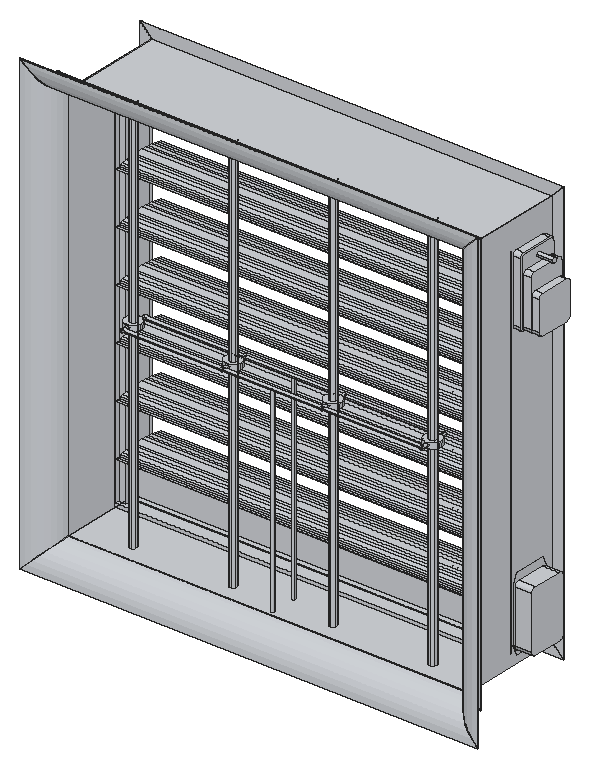
Revit family "X-12", category Mechanical Equipment, Revit 2015 (continued)
Definition of nested family "2 Tubes"
  Definition of nested family "Vertical Tubes"
    Automatic sketch dimensions
      Extrusion 1 sketch curve to Extrusion 1 sketch curve = 0' - 0.29515"  (x2)
      plane 3 "Center (Left/Right)" to Extrusion 1 sketch curve = 0' - 0.10992"  (x2)
      Extrusion 1 sketch curve to plane 1 "Center (Front/Back)" = 0' - 0.1653"
      Extrusion 2 sketch curve to Extrusion 2 sketch curve = 0' - 0"  (x56)
      plane 1 "Center (Front/Back)" to Extrusion 2 sketch curve = 0' - 0"
      Extrusion 2 sketch curve to plane 3 "Center (Left/Right)" = 0' - 0"
      Extrusion 2 sketch curve to plane 3 "Center (Left/Right)" = 0' - 0.10992"  (x2)
      Extrusion 2 sketch curve to plane 3 "Center (Left/Right)" = 0' - 0.14833"  (x2)
      Extrusion 2 sketch curve to plane 1 "Center (Front/Back)" = 0' - 0.1653"  (x2)
      Extrusion 2 sketch curve to Extrusion 2 sketch curve = 0' - 0.29515"
      Extrusion 2 sketch curve to plane 1 "Center (Front/Back)" = 0' - 0.16268"
      Extrusion 2 sketch curve to Extrusion 2 sketch curve = 0' - 0.58161"  (x2)
      plane 3 "Center (Left/Right)" to Extrusion 2 sketch curve = 0' - 0.10992"  (x2)
      plane 3 "Center (Left/Right)" to Extrusion 2 sketch curve = 0' - 0.14833"  (x2)
      plane 1 "Center (Front/Back)" to Extrusion 2 sketch curve = 0' - 0.16268"
      plane 1 "Center (Front/Back)" to Extrusion 2 sketch curve = 0' - 0.42347"
      Extrusion 3 sketch curve to plane 3 "Center (Left/Right)" = 0' - 0"
      Extrusion 3 sketch curve to plane 4 = 0' - 0"
      Extrusion 4 sketch curve to plane 3 "Center (Left/Right)" = 0' - 0"
      Extrusion 4 sketch curve to plane 4 = 0' - 0"
      radius of Extrusion 3 sketch curve = 0' - 0 3/16"
      radius of Extrusion 4 sketch curve = 0' - 0 3/16"
Definition of nested family "3 Tubes"
  Parameters (values of type "3 Tubes")
    Tube Width = 2' - 6"
    Tube Height = 2' - 0"
    Tube End [instance] = Tube Width / 6  # 0' - 5"
  Reference planes (in)
    plane 1 "Center (Front/Back)": y = 0
    plane 2: z = 0
    plane 3 "Center (Left/Right)": x = 0
    plane 4: x = -15
    plane 5: x = 15
    plane 6: z = 24
    plane 7: x = -10
    plane 8: x = 10
    plane 9: z = 12
  Forms (in)
    Extrusion 1, solid
      sketch origin (0, 0.1875, 0) x (0, 1, 0) y (0, 0, 1)
        loop
          circle (-1.73894, 12) r 0.1875
      from -10 to 10
    Extrusion 2, solid
      sketch origin (0, -0.1875, 0) x (0, -1, 0) y (0, 0, -1)
        loop
          circle (-1.73894, -12) r 0.1875
      from -10 to 10
  Dimensions and locks (in)
    equal spacing: plane 4, plane 3 "Center (Left/Right)", plane 5
    "Tube Width": plane 4 to plane 5
    "Tube Height": plane 6 to level
    "Tube End": plane 4 to plane 7
    "Tube End": plane 8 to plane 5
    equal spacing: plane 6, plane 9, level
    aligned and locked: level to plane 2
    aligned and locked: plane 1 "Center (Front/Back)" to nested 1
    aligned and locked: nested 1 to plane 8
    aligned and locked: nested 3 to plane 7
    aligned and locked: plane 3 "Center (Left/Right)" to nested 2
    aligned and locked: Extrusion 1 to plane 8
    aligned and locked: plane 7 to Extrusion 1
    aligned and locked: Extrusion 2 to plane 8
    aligned and locked: plane 7 to Extrusion 2
  Automatic sketch dimensions
    Extrusion 1 sketch curve to plane 9 = 0' - 0"
    plane 1 "Center (Front/Back)" to Extrusion 1 sketch curve = 0' - 1.55144"
    Extrusion 2 sketch curve to plane 9 = 0' - 0"
    plane 1 "Center (Front/Back)" to Extrusion 2 sketch curve = 0' - 1.55144"
    radius of Extrusion 1 sketch curve = 0' - 0 3/16"
    radius of Extrusion 2 sketch curve = 0' - 0 3/16"
  Nested families (in)
    nested 1: "Vertical Tubes" at (10, 0, 0), type "Vertical Tubes"
      with Tube Height 2' - 0"
    nested 2: "Vertical Tubes" at (0, 0, 0), type "Vertical Tubes"
      with Tube Height 2' - 0"
    nested 3: "Vertical Tubes" at (-10, 0, 0), type "Vertical Tubes"
      with Tube Height 2' - 0"
  Definition of nested family "Vertical Tubes"
    Parameters (values of type "Vertical Tubes")
      Tube Height = 3' - 0"
    Reference planes (in)
      plane 1 "Center (Front/Back)": y = 0
      plane 2: z = 0
      plane 3 "Center (Left/Right)": x = 0
      plane 4: z = 18
      plane 5: z = 36
      plane 6: z = 17.6875
      plane 7: z = 18.3125
      plane 8: y = -1.73894
      plane 9: y = -0.74581
    Forms (in)
      Extrusion 1, solid
        sketch origin (0, 0, 0) x (1, 0, 0) y (0, 1, 0)
          loop
            arc (-0.40507, -0.1653) -> (-0.28804, -0.3293) -> (-0.10992, -0.42347) r 0.4375
            line (-0.10992, -0.42347) -> (0.10992, -0.42347)
            arc (0.10992, -0.42347) -> (0.28804, -0.3293) -> (0.40507, -0.1653) r 0.4375
            line (0.40507, -0.1653) -> (0.40507, 0.1653)
            arc (0.40507, 0.1653) -> (0.28804, 0.3293) -> (0.10992, 0.42347) r 0.4375
            line (0.10992, 0.42347) -> (-0.10992, 0.42347)
            arc (-0.10992, 0.42347) -> (-0.28804, 0.3293) -> (-0.40507, 0.1653) r 0.4375
            line (-0.40507, 0.1653) -> (-0.40507, -0.1653)
        from 0 to 36
      Extrusion 2, solid
        sketch origin (-4.5, 0, 0) x (1, 0, 0) y (0, 1, 0)
          loop
            arc (4.64833, -0.98894) -> (5.20195, -0.71223) -> (5.48668, -0.16268) r 1
            line (5.48668, -0.16268) -> (5.48668, 0.16268)
            arc (5.48668, 0.16268) -> (5.20195, 0.71223) -> (4.64833, 0.98894) r 1
            line (4.64833, 0.98894) -> (4.35167, 0.98894)
            arc (4.35167, 0.98894) -> (3.79805, 0.71223) -> (3.51332, 0.16268) r 1
            line (3.51332, 0.16268) -> (3.51332, -0.16268)
            arc (3.51332, -0.16268) -> (3.79805, -0.71223) -> (4.35167, -0.98894) r 1
            line (4.35167, -0.98894) -> (4.64833, -0.98894)
          loop
            arc (4.39008, 0.42347) -> (4.21196, 0.3293) -> (4.09493, 0.1653) r 0.4375
            line (4.09493, 0.1653) -> (4.09493, -0.1653)
            arc (4.09493, -0.1653) -> (4.21196, -0.3293) -> (4.39008, -0.42347) r 0.4375
            line (4.39008, -0.42347) -> (4.60992, -0.42347)
            arc (4.60992, -0.42347) -> (4.78804, -0.3293) -> (4.90507, -0.1653) r 0.4375
            line (4.90507, -0.1653) -> (4.90507, 0.1653)
            arc (4.90507, 0.1653) -> (4.78804, 0.3293) -> (4.60992, 0.42347) r 0.4375
            line (4.60992, 0.42347) -> (4.39008, 0.42347)
        from 17.6875 to 18.3125
      Extrusion 3, solid
        sketch origin (0, 0, 0) x (1, 0, 0) y (0, 0, 1)
          loop
            circle (0, 18) r 0.1875
        from 0.74581 to 1.73894
      Extrusion 4, solid
        sketch origin (0, 0, 0) x (1, 0, 0) y (0, 0, -1)
          loop
            circle (0, -18) r 0.1875
        from 0.74581 to 1.73894
    Lines and regions (in)
      model lines
        curve 1: line (-0.40507, -0.1653, 0) -> (-0.40507, 0.1653, 0)
        curve 2: line (-0.10992, 0.42347, 0) -> (0.10992, 0.42347, 0)
        curve 3: line (0.40507, -0.1653, 0) -> (0.40507, 0.1653, 0)
        curve 4: line (-0.10992, -0.42347, 0) -> (0.10992, -0.42347, 0)
        curve 5: arc (-0.40507, -0.1653, 0) -> (-0.28804, -0.3293, 0) -> (-0.10992, -0.42347, 0) r 0.4375
        curve 6: arc (0.10992, -0.42347, 0) -> (0.28804, -0.3293, 0) -> (0.40507, -0.1653, 0) r 0.4375
        curve 7: arc (-0.40507, 0.1653, 0) -> (-0.28804, 0.3293, 0) -> (-0.10992, 0.42347, 0) r 0.4375
        curve 8: arc (0.10992, 0.42347, 0) -> (0.28804, 0.3293, 0) -> (0.40507, 0.1653, 0) r 0.4375
    Dimensions and locks (in)
      equal spacing: plane 5, plane 4, level
      "Tube Height": plane 5 to level
      locked: plane 4 to plane 6 at 0.3125
      locked: plane 7 to plane 4 at 0.3125
      locked: plane 1 "Center (Front/Back)" to plane 9 at 0.74581
      locked: plane 9 to plane 8 at 0.99313
      aligned and locked: level to plane 2
      aligned and locked: plane 5 to Extrusion 1
      aligned and locked: plane 7 to Extrusion 2
      aligned and locked: plane 6 to Extrusion 2
      aligned and locked: Extrusion 3 to plane 8
      aligned and locked: plane 9 to Extrusion 3
    Automatic sketch dimensions
      curve 5 to curve 6 = 0' - 0"  (x2)
      curve 5 to curve 7 = 0' - 0"  (x2)
      curve 5 to curve 8 = 0' - 0"  (x2)
      curve 6 to curve 7 = 0' - 0"  (x2)
      curve 6 to curve 8 = 0' - 0"  (x2)
      curve 7 to curve 8 = 0' - 0"  (x2)
      plane 1 "Center (Front/Back)" to curve 5 = 0' - 0"
      curve 5 to plane 3 "Center (Left/Right)" = 0' - 0"
      curve 2 to plane 3 "Center (Left/Right)" = 0' - 0.10992"
      curve 4 to plane 3 "Center (Left/Right)" = 0' - 0.10992"
      plane 1 "Center (Front/Back)" to curve 1 = 0' - 0.1653"
      curve 1 to curve 5 = 0' - 0.29515"
      plane 3 "Center (Left/Right)" to curve 4 = 0' - 0.10992"
      plane 3 "Center (Left/Right)" to curve 2 = 0' - 0.10992"
      plane 1 "Center (Front/Back)" to curve 3 = 0' - 0.1653"
      curve 1 to plane 1 "Center (Front/Back)" = 0' - 0.1653"
      Extrusion 1 sketch curve to Extrusion 1 sketch curve = 0' - 0"  (x12)
      plane 1 "Center (Front/Back)" to Extrusion 1 sketch curve = 0' - 0"
      Extrusion 1 sketch curve to plane 3 "Center (Left/Right)" = 0' - 0"
      Extrusion 1 sketch curve to plane 3 "Center (Left/Right)" = 0' - 0.10992"  (x2)
      plane 1 "Center (Front/Back)" to Extrusion 1 sketch curve = 0' - 0.1653"
      Extrusion 1 sketch curve to Extrusion 1 sketch curve = 0' - 0.29515"  (x2)
      plane 3 "Center (Left/Right)" to Extrusion 1 sketch curve = 0' - 0.10992"  (x2)
      Extrusion 1 sketch curve to plane 1 "Center (Front/Back)" = 0' - 0.1653"
      Extrusion 2 sketch curve to Extrusion 2 sketch curve = 0' - 0"  (x56)
      plane 1 "Center (Front/Back)" to Extrusion 2 sketch curve = 0' - 0"
      Extrusion 2 sketch curve to plane 3 "Center (Left/Right)" = 0' - 0"
      Extrusion 2 sketch curve to plane 3 "Center (Left/Right)" = 0' - 0.10992"  (x2)
      Extrusion 2 sketch curve to plane 3 "Center (Left/Right)" = 0' - 0.14833"  (x2)
      Extrusion 2 sketch curve to plane 1 "Center (Front/Back)" = 0' - 0.1653"  (x2)
      Extrusion 2 sketch curve to Extrusion 2 sketch curve = 0' - 0.29515"
      Extrusion 2 sketch curve to plane 1 "Center (Front/Back)" = 0' - 0.16268"
      Extrusion 2 sketch curve to Extrusion 2 sketch curve = 0' - 0.58161"  (x2)
      plane 3 "Center (Left/Right)" to Extrusion 2 sketch curve = 0' - 0.10992"  (x2)
      plane 3 "Center (Left/Right)" to Extrusion 2 sketch curve = 0' - 0.14833"  (x2)
      plane 1 "Center (Front/Back)" to Extrusion 2 sketch curve = 0' - 0.16268"
      plane 1 "Center (Front/Back)" to Extrusion 2 sketch curve = 0' - 0.42347"
      Extrusion 3 sketch curve to plane 3 "Center (Left/Right)" = 0' - 0"
      Extrusion 3 sketch curve to plane 4 = 0' - 0"
      Extrusion 4 sketch curve to plane 3 "Center (Left/Right)" = 0' - 0"
      Extrusion 4 sketch curve to plane 4 = 0' - 0"
      radius of Extrusion 3 sketch curve = 0' - 0 3/16"
      radius of Extrusion 4 sketch curve = 0' - 0 3/16"
Definition of nested family "4 Tubes"
  Parameters (values of type "4 Tubes")
    Tube Width = 4' - 6"
    Tube Middle [instance] = Tube Width / 4  # 1' - 1 1/2"
    Tube Height = 3' - 0"
    Tube End [instance] = Tube Width / 8  # 0' - 6 3/4"
  Reference planes (in)
    plane 1 "Center (Front/Back)": y = 0
    plane 2: z = 0
    plane 3 "Center (Left/Right)": x = 0
    plane 4: x = -27
    plane 5: x = 27
    plane 6: z = 36
    plane 7: x = -20.25
    plane 8: x = 20.25
    plane 9: x = -6.75
    plane 10: x = 6.75
    plane 11: z = 18
  Forms (in)
    Extrusion 1, solid
      sketch origin (0, 0.1875, 0) x (0, 1, 0) y (0, 0, 1)
        loop
          circle (-1.73894, 18) r 0.1875
      from -20.25 to 20.25
    Extrusion 2, solid
      sketch origin (0, -0.1875, 0) x (0, -1, 0) y (0, 0, -1)
        loop
          circle (-1.73894, -18) r 0.1875
      from -20.25 to 20.25
  Dimensions and locks (in)
    equal spacing: plane 4, plane 3 "Center (Left/Right)", plane 5
    "Tube Width": plane 4 to plane 5
    "Tube Height": plane 6 to level
    "Tube End": plane 4 to plane 7
    "Tube End": plane 8 to plane 5
    "Tube Middle": plane 7 to plane 9
    "Tube Middle": plane 10 to plane 8
    equal spacing: plane 6, plane 11, level
    aligned and locked: level to plane 2
    aligned and locked: plane 1 "Center (Front/Back)" to nested 1
    aligned and locked: plane 8 to nested 1
    aligned and locked: nested 4 to plane 7
    aligned and locked: nested 3 to plane 9
    aligned and locked: plane 10 to nested 2
    aligned and locked: plane 8 to Extrusion 1
    aligned and locked: plane 7 to Extrusion 1
    aligned and locked: plane 7 to Extrusion 2
    aligned and locked: plane 8 to Extrusion 2
  Automatic sketch dimensions
    Extrusion 1 sketch curve to plane 11 = 0' - 0"
    plane 1 "Center (Front/Back)" to Extrusion 1 sketch curve = 0' - 1.55144"
    Extrusion 2 sketch curve to plane 11 = 0' - 0"
    plane 1 "Center (Front/Back)" to Extrusion 2 sketch curve = 0' - 1.55144"
    radius of Extrusion 1 sketch curve = 0' - 0 3/16"
    radius of Extrusion 2 sketch curve = 0' - 0 3/16"
  Nested families (in)
    nested 1: "Vertical Tubes" at (20.25, 0, 0), type "Vertical Tubes"
    nested 2: "Vertical Tubes" at (6.75, 0, 0), type "Vertical Tubes"
    nested 3: "Vertical Tubes" at (-6.75, 0, 0), type "Vertical Tubes"
    nested 4: "Vertical Tubes" at (-20.25, 0, 0), type "Vertical Tubes"
  Definition of nested family "Vertical Tubes"
    Parameters (values of type "Vertical Tubes")
      Tube Height = 3' - 0"
    Reference planes (in)
      plane 1 "Center (Front/Back)": y = 0
      plane 2: z = 0
      plane 3 "Center (Left/Right)": x = 0
      plane 4: z = 18
      plane 5: z = 36
      plane 6: z = 17.6875
      plane 7: z = 18.3125
      plane 8: y = -1.73894
      plane 9: y = -0.74581
    Forms (in)
      Extrusion 1, solid
        sketch origin (0, 0, 0) x (1, 0, 0) y (0, 1, 0)
          loop
            arc (-0.40507, -0.1653) -> (-0.28804, -0.3293) -> (-0.10992, -0.42347) r 0.4375
            line (-0.10992, -0.42347) -> (0.10992, -0.42347)
            arc (0.10992, -0.42347) -> (0.28804, -0.3293) -> (0.40507, -0.1653) r 0.4375
            line (0.40507, -0.1653) -> (0.40507, 0.1653)
            arc (0.40507, 0.1653) -> (0.28804, 0.3293) -> (0.10992, 0.42347) r 0.4375
            line (0.10992, 0.42347) -> (-0.10992, 0.42347)
            arc (-0.10992, 0.42347) -> (-0.28804, 0.3293) -> (-0.40507, 0.1653) r 0.4375
            line (-0.40507, 0.1653) -> (-0.40507, -0.1653)
        from 0 to 36
      Extrusion 2, solid
        sketch origin (-4.5, 0, 0) x (1, 0, 0) y (0, 1, 0)
          loop
            arc (4.64833, -0.98894) -> (5.20195, -0.71223) -> (5.48668, -0.16268) r 1
            line (5.48668, -0.16268) -> (5.48668, 0.16268)
            arc (5.48668, 0.16268) -> (5.20195, 0.71223) -> (4.64833, 0.98894) r 1
            line (4.64833, 0.98894) -> (4.35167, 0.98894)
            arc (4.35167, 0.98894) -> (3.79805, 0.71223) -> (3.51332, 0.16268) r 1
            line (3.51332, 0.16268) -> (3.51332, -0.16268)
            arc (3.51332, -0.16268) -> (3.79805, -0.71223) -> (4.35167, -0.98894) r 1
            line (4.35167, -0.98894) -> (4.64833, -0.98894)
          loop
            arc (4.39008, 0.42347) -> (4.21196, 0.3293) -> (4.09493, 0.1653) r 0.4375
            line (4.09493, 0.1653) -> (4.09493, -0.1653)
            arc (4.09493, -0.1653) -> (4.21196, -0.3293) -> (4.39008, -0.42347) r 0.4375
            line (4.39008, -0.42347) -> (4.60992, -0.42347)
            arc (4.60992, -0.42347) -> (4.78804, -0.3293) -> (4.90507, -0.1653) r 0.4375
            line (4.90507, -0.1653) -> (4.90507, 0.1653)
            arc (4.90507, 0.1653) -> (4.78804, 0.3293) -> (4.60992, 0.42347) r 0.4375
            line (4.60992, 0.42347) -> (4.39008, 0.42347)
        from 17.6875 to 18.3125
      Extrusion 3, solid
        sketch origin (0, 0, 0) x (1, 0, 0) y (0, 0, 1)
          loop
            circle (0, 18) r 0.1875
        from 0.74581 to 1.73894
      Extrusion 4, solid
        sketch origin (0, 0, 0) x (1, 0, 0) y (0, 0, -1)
          loop
            circle (0, -18) r 0.1875
        from 0.74581 to 1.73894
    Lines and regions (in)
      model lines
        curve 1: line (-0.40507, -0.1653, 0) -> (-0.40507, 0.1653, 0)
        curve 2: line (-0.10992, 0.42347, 0) -> (0.10992, 0.42347, 0)
        curve 3: line (0.40507, -0.1653, 0) -> (0.40507, 0.1653, 0)
        curve 4: line (-0.10992, -0.42347, 0) -> (0.10992, -0.42347, 0)
        curve 5: arc (-0.40507, -0.1653, 0) -> (-0.28804, -0.3293, 0) -> (-0.10992, -0.42347, 0) r 0.4375
        curve 6: arc (0.10992, -0.42347, 0) -> (0.28804, -0.3293, 0) -> (0.40507, -0.1653, 0) r 0.4375
        curve 7: arc (-0.40507, 0.1653, 0) -> (-0.28804, 0.3293, 0) -> (-0.10992, 0.42347, 0) r 0.4375
        curve 8: arc (0.10992, 0.42347, 0) -> (0.28804, 0.3293, 0) -> (0.40507, 0.1653, 0) r 0.4375
    Dimensions and locks (in)
      equal spacing: plane 5, plane 4, level
      "Tube Height": plane 5 to level
      locked: plane 4 to plane 6 at 0.3125
      locked: plane 7 to plane 4 at 0.3125
      locked: plane 1 "Center (Front/Back)" to plane 9 at 0.74581
      locked: plane 9 to plane 8 at 0.99313
      aligned and locked: level to plane 2
      aligned and locked: plane 5 to Extrusion 1
      aligned and locked: plane 7 to Extrusion 2
      aligned and locked: plane 6 to Extrusion 2
      aligned and locked: Extrusion 3 to plane 8
      aligned and locked: plane 9 to Extrusion 3
    Automatic sketch dimensions
      curve 5 to curve 6 = 0' - 0"  (x2)
      curve 5 to curve 7 = 0' - 0"  (x2)
      curve 5 to curve 8 = 0' - 0"  (x2)
      curve 6 to curve 7 = 0' - 0"  (x2)
      curve 6 to curve 8 = 0' - 0"  (x2)
      curve 7 to curve 8 = 0' - 0"  (x2)
      plane 1 "Center (Front/Back)" to curve 5 = 0' - 0"
      curve 5 to plane 3 "Center (Left/Right)" = 0' - 0"
      curve 2 to plane 3 "Center (Left/Right)" = 0' - 0.10992"
      curve 4 to plane 3 "Center (Left/Right)" = 0' - 0.10992"
      plane 1 "Center (Front/Back)" to curve 1 = 0' - 0.1653"
      curve 1 to curve 5 = 0' - 0.29515"
      plane 3 "Center (Left/Right)" to curve 4 = 0' - 0.10992"
      plane 3 "Center (Left/Right)" to curve 2 = 0' - 0.10992"
      plane 1 "Center (Front/Back)" to curve 3 = 0' - 0.1653"
      curve 1 to plane 1 "Center (Front/Back)" = 0' - 0.1653"
      Extrusion 1 sketch curve to Extrusion 1 sketch curve = 0' - 0"  (x12)
      plane 1 "Center (Front/Back)" to Extrusion 1 sketch curve = 0' - 0"
      Extrusion 1 sketch curve to plane 3 "Center (Left/Right)" = 0' - 0"
      Extrusion 1 sketch curve to plane 3 "Center (Left/Right)" = 0' - 0.10992"  (x2)
      plane 1 "Center (Front/Back)" to Extrusion 1 sketch curve = 0' - 0.1653"
      Extrusion 1 sketch curve to Extrusion 1 sketch curve = 0' - 0.29515"  (x2)
      plane 3 "Center (Left/Right)" to Extrusion 1 sketch curve = 0' - 0.10992"  (x2)
      Extrusion 1 sketch curve to plane 1 "Center (Front/Back)" = 0' - 0.1653"
      Extrusion 2 sketch curve to Extrusion 2 sketch curve = 0' - 0"  (x56)
      plane 1 "Center (Front/Back)" to Extrusion 2 sketch curve = 0' - 0"
      Extrusion 2 sketch curve to plane 3 "Center (Left/Right)" = 0' - 0"
      Extrusion 2 sketch curve to plane 3 "Center (Left/Right)" = 0' - 0.10992"  (x2)
      Extrusion 2 sketch curve to plane 3 "Center (Left/Right)" = 0' - 0.14833"  (x2)
      Extrusion 2 sketch curve to plane 1 "Center (Front/Back)" = 0' - 0.1653"  (x2)
      Extrusion 2 sketch curve to Extrusion 2 sketch curve = 0' - 0.29515"
      Extrusion 2 sketch curve to plane 1 "Center (Front/Back)" = 0' - 0.16268"
      Extrusion 2 sketch curve to Extrusion 2 sketch curve = 0' - 0.58161"  (x2)
      plane 3 "Center (Left/Right)" to Extrusion 2 sketch curve = 0' - 0.10992"  (x2)
      plane 3 "Center (Left/Right)" to Extrusion 2 sketch curve = 0' - 0.14833"  (x2)
      plane 1 "Center (Front/Back)" to Extrusion 2 sketch curve = 0' - 0.16268"
      plane 1 "Center (Front/Back)" to Extrusion 2 sketch curve = 0' - 0.42347"
      Extrusion 3 sketch curve to plane 3 "Center (Left/Right)" = 0' - 0"
      Extrusion 3 sketch curve to plane 4 = 0' - 0"
      Extrusion 4 sketch curve to plane 3 "Center (Left/Right)" = 0' - 0"
      Extrusion 4 sketch curve to plane 4 = 0' - 0"
      radius of Extrusion 3 sketch curve = 0' - 0 3/16"
      radius of Extrusion 4 sketch curve = 0' - 0 3/16"
Definition of nested family "X12 BM"
  Parameters (values of type "X12 BM")
    Sleeve O.D. = 5' - 0"
  Reference planes (in)
    plane 1 "Center (Front/Back)": y = 0
    plane 2: z = 0
    plane 3 "Center (Left/Right)": x = 0
    plane 4: z = 1.5
    plane 5: x = -30
    plane 6: x = 30
    plane 7: x = -42
    plane 8: x = 42
  Forms (in)
    Extrusion 1, solid
      sketch origin (0, 0.82562, -0.52472) x (0, -1, 0) y (0, 0, -1)
        loop
          line (0.82562, -2.02472) -> (0.87342, -2.02472) -> (0.87342, -0.57814)
          arc (0.87342, -0.57814) -> (2.9889, -1.74269) -> (3.77871, -4.02472) r 3.36334
          line (3.77871, -4.02472) -> (3.82562, -4.02472)
          arc (3.82562, -4.02472) -> (3.00655, -1.69107) -> (0.82562, -0.52472) r 3.41021
          line (0.82562, -0.52472) -> (0.82562, -2.02472)
      from -42 to 42
    Extrusion 2, void
      sketch origin (0, 0, 0) x (1, 0, 0) y (0, 0, 1)
        loop
          line (-42, 0) -> (-28.5, 0) -> (-42, 13.5) -> (-42, 0)
      from 0 to 12
    Extrusion 3, void
      sketch origin (0, 0, 0) x (-1, 0, 0) y (0, 0, -1)
        loop
          line (-42, 0) -> (-42, -13.5) -> (-28.5, 0) -> (-42, 0)
      from 0 to 12
  Cuts and joins
    Extrusion 2, Extrusion 3 cuts Extrusion 1
  Dimensions and locks (in)
    equal spacing: plane 6, plane 3 "Center (Left/Right)", plane 5
    "Sleeve O.D.": plane 6 to plane 5
    locked: plane 7 to plane 5 at 12
    locked: plane 6 to plane 8 at 12
    Extrusion 2 sketch curve to Extrusion 2 sketch curve = 1' - 1 1/2"
    Extrusion 3 sketch curve to Extrusion 3 sketch curve = 1' - 1 1/2"
    aligned and locked: level to plane 2
    aligned and locked: plane 7 to Extrusion 1
    aligned and locked: plane 8 to Extrusion 1
    aligned and locked: Extrusion 2 sketch curve to level
  Automatic sketch dimensions
    Extrusion 1 sketch curve to Extrusion 1 sketch curve = 0' - 0"  (x2)
    Extrusion 1 sketch curve to level = 0' - 0"
    Extrusion 1 sketch curve to plane 1 "Center (Front/Back)" = 0' - 0"
    Extrusion 1 sketch curve to plane 4 = 0' - 0"
    plane 1 "Center (Front/Back)" to Extrusion 1 sketch curve = 0' - 0.4083"
    Extrusion 1 sketch curve to plane 1 "Center (Front/Back)" = 0' - 0.0478"
    Extrusion 1 sketch curve to plane 1 "Center (Front/Back)" = 0' - 2.9531"
    Extrusion 1 sketch curve to Extrusion 1 sketch curve = 0' - 0.0469"
    Extrusion 1 sketch curve to level = 0' - 0.05341"
    plane 7 to Extrusion 2 sketch curve = 0' - 0"
    plane 4 to Extrusion 2 sketch curve = 1' - 0"
    Extrusion 3 sketch curve to plane 8 = 0' - 0"
    Extrusion 3 sketch curve to level = 0' - 0"
    Extrusion 3 sketch curve to plane 4 = 1' - 0"
Definition of nested family "X12 BM2"
  Parameters (values of type "X12 BM2")
    Sleeve O.D. = 5' - 0"
  Reference planes (in)
    plane 1 "Center (Front/Back)": y = 0
    plane 2: z = 0
    plane 3 "Center (Left/Right)": x = 0
    plane 4: z = 1.5
    plane 5: x = -30
    plane 6: x = 30
    plane 7: x = -42
    plane 8: x = 42
  Forms (in)
    Extrusion 1, solid
      sketch origin (0, 0.82562, -0.52472) x (0, -1, 0) y (0, 0, -1)
        loop
          line (0.82562, -2.02472) -> (0.87342, -2.02472) -> (0.87342, -0.57814)
          arc (0.87342, -0.57814) -> (2.9889, -1.74269) -> (3.77871, -4.02472) r 3.36334
          line (3.77871, -4.02472) -> (3.82562, -4.02472)
          arc (3.82562, -4.02472) -> (3.00655, -1.69107) -> (0.82562, -0.52472) r 3.41021
          line (0.82562, -0.52472) -> (0.82562, -2.02472)
      from -42 to 42
    Extrusion 2, void
      sketch origin (0, 0, 0) x (1, 0, 0) y (0, 0, 1)
        loop
          line (-42, 0) -> (-28.5, 0) -> (-42, 13.5) -> (-42, 0)
      from 0 to 12
    Extrusion 3, void
      sketch origin (0, 0, 0) x (-1, 0, 0) y (0, 0, -1)
        loop
          line (-42, 0) -> (-42, -13.5) -> (-28.5, 0) -> (-42, 0)
      from 0 to 12
  Cuts and joins
    Extrusion 2, Extrusion 3 cuts Extrusion 1
  Dimensions and locks (in)
    equal spacing: plane 6, plane 3 "Center (Left/Right)", plane 5
    "Sleeve O.D.": plane 6 to plane 5
    locked: plane 7 to plane 5 at 12
    locked: plane 6 to plane 8 at 12
    Extrusion 2 sketch curve to Extrusion 2 sketch curve = 1' - 1 1/2"
    Extrusion 3 sketch curve to Extrusion 3 sketch curve = 1' - 1 1/2"
    aligned and locked: level to plane 2
    aligned and locked: plane 7 to Extrusion 1
    aligned and locked: plane 8 to Extrusion 1
    aligned and locked: Extrusion 2 sketch curve to level
  Automatic sketch dimensions
    Extrusion 1 sketch curve to Extrusion 1 sketch curve = 0' - 0"  (x2)
    Extrusion 1 sketch curve to level = 0' - 0"
    Extrusion 1 sketch curve to plane 1 "Center (Front/Back)" = 0' - 0"
    Extrusion 1 sketch curve to plane 4 = 0' - 0"
    plane 1 "Center (Front/Back)" to Extrusion 1 sketch curve = 0' - 0.4083"
    Extrusion 1 sketch curve to plane 1 "Center (Front/Back)" = 0' - 0.0478"
    Extrusion 1 sketch curve to plane 1 "Center (Front/Back)" = 0' - 2.9531"
    Extrusion 1 sketch curve to Extrusion 1 sketch curve = 0' - 0.0469"
    Extrusion 1 sketch curve to level = 0' - 0.05341"
    plane 7 to Extrusion 2 sketch curve = 0' - 0"
    plane 4 to Extrusion 2 sketch curve = 1' - 0"
    Extrusion 3 sketch curve to plane 8 = 0' - 0"
    Extrusion 3 sketch curve to level = 0' - 0"
    Extrusion 3 sketch curve to plane 4 = 1' - 0"
